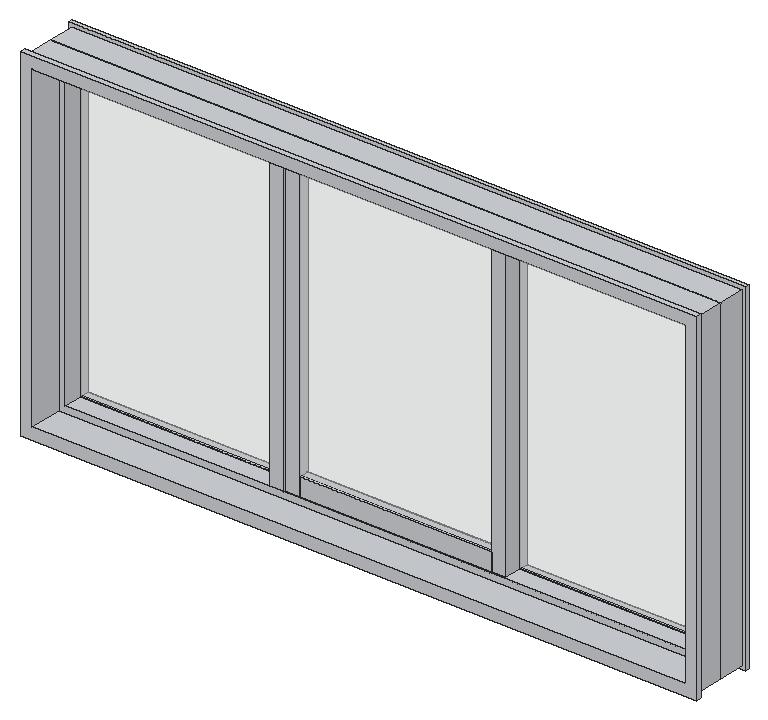
Revit family "APL Residential Thermal Heart Sliding Window FSF", category Windows, host Wall, Revit 2017 (continued)
Definition of nested family "APL Residential Thermal Heart Sliding Window FSF Vertical Section"
  Definition of nested family "Two Panel Head"
    Definition of nested family "65400_Frame Head"
      Lines and regions (mm)
        detail lines, in view "Ref. Level"
          curve 542: arc (15.174, -5.439, 0) -> (14.995, -5.304, 0) -> (14.78, -5.367, 0) r 0.25
          curve 543: arc (14.78, -5.367, 0) -> (14.637, -5.498, 0) -> (14.631, -5.691, 0) r 0.25
          curve 544: arc (13.377, -6.456, 0) -> (13.302, -6.489, 0) -> (13.221, -6.5, 0) r 0.3
          curve 545: arc (12.7, -6.5, 0) -> (12.542, -6.422, 0) -> (12.506, -6.25, 0) r 0.2
          curve 546: arc (12.7, -2.247, 0) -> (12.674, -2.125, 0) -> (12.6, -2.024, 0) r 0.3
          curve 547: arc (12.6, -2.024, 0) -> (12.536, -1.657, 0) -> (12.878, -1.51, 0) r 0.3
          curve 548: arc (15.021, -2.043, 0) -> (15.11, -2.095, 0) -> (15.162, -2.184, 0) r 0.2
          curve 549: arc (15.207, -2.352, 0) -> (15.348, -2.493, 0) -> (15.541, -2.441, 0) r 0.2
          curve 550: arc (15.905, -2.078, 0) -> (15.965, -1.992, 0) -> (15.992, -1.892, 0) r 0.3
          curve 551: arc (16.199, 0.474, 0) -> (16.083, 0.738, 0) -> (15.797, 0.782, 0) r 0.3
          curve 552: arc (14.387, 0.268, 0) -> (14.261, 0.181, 0) -> (14.195, 0.043, 0) r 0.3
          curve 553: arc (14.195, 0.043, 0) -> (13.922, -0.199, 0) -> (13.617, 0, 0) r 0.3
          curve 554: arc (12.6, 0, 0) -> (12.459, 0.059, 0) -> (12.4, 0.2, 0) r 0.2
          curve 555: arc (12.4, 2.696, 0) -> (11.64, 4.537, 0) -> (9.8, 5.3, 0) r 2.6
          curve 556: arc (7.9, 5.3, 0) -> (7.547, 5.446, 0) -> (7.4, 5.8, 0) r 0.5
          curve 557: arc (7.4, 13.402, 0) -> (7.508, 13.581, 0) -> (7.716, 13.566, 0) r 0.2
          curve 558: arc (7.716, 13.566, 0) -> (8.721, 13.692, 0) -> (8.684, 14.705, 0) r 0.75
          curve 559: arc (8.684, 14.705, 0) -> (8.15, 16.005, 0) -> (8.684, 17.305, 0) r 1.85
          curve 560: arc (8.684, 17.305, 0) -> (8.794, 17.447, 0) -> (8.867, 17.612, 0) r 0.75
          curve 561: arc (8.867, 17.612, 0) -> (8.97, 17.796, 0) -> (9.14, 17.921, 0) r 0.5
          curve 562: arc (9.14, 17.921, 0) -> (10, 18.105, 0) -> (10.86, 17.921, 0) r 2.1
          curve 563: arc (10.86, 17.921, 0) -> (11.03, 17.796, 0) -> (11.133, 17.612, 0) r 0.5
          curve 564: arc (11.133, 17.612, 0) -> (11.206, 17.447, 0) -> (11.316, 17.305, 0) r 0.75
          curve 565: arc (11.316, 17.305, 0) -> (11.85, 16.005, 0) -> (11.316, 14.705, 0) r 1.85
          curve 566: arc (11.316, 14.705, 0) -> (11.323, 13.644, 0) -> (12.384, 13.651, 0) r 0.75
          curve 567: arc (12.384, 13.651, 0) -> (13.348, 15.881, 0) -> (12.551, 18.176, 0) r 3.35
          curve 568: arc (12.551, 18.176, 0) -> (12.478, 18.71, 0) -> (12.932, 19, 0) r 0.5
          curve 569: arc (13.15, 19, 0) -> (13.291, 19.059, 0) -> (13.35, 19.2, 0) r 0.2
          curve 570: arc (13.35, 19.5, 0) -> (13.204, 19.854, 0) -> (12.85, 20, 0) r 0.5
          curve 571: arc (7, 20, 0) -> (6.293, 19.707, 0) -> (6, 19, 0) r 1
          curve 572: arc (6, 6.243, 0) -> (5.772, 5.095, 0) -> (5.121, 4.121, 0) r 3
          curve 573: arc (0.879, -0.121, 0) -> (0.228, -1.095, 0) -> (0, -2.243, 0) r 3
          curve 574: arc (0, -23.8, 0) -> (0.059, -23.941, 0) -> (0.2, -24, 0) r 0.2
          curve 575: line (10.8, 2.7, 0) -> (10.8, -6.498, 0)
          curve 576: line (12.7, -8.4, 0) -> (13.1, -8.4, 0)
          curve 577: line (13.3, -8.6, 0) -> (13.3, -15.4, 0)
          curve 578: line (13.1, -15.6, 0) -> (11, -15.6, 0)
          curve 579: line (10.8, -15.8, 0) -> (10.8, -16.283, 0)
          curve 580: line (10.6, -16.483, 0) -> (1.9, -16.483, 0)
          curve 581: line (1.4, -15.983, 0) -> (1.4, -2.245, 0)
          curve 582: line (1.869, -1.111, 0) -> (6.387, 3.407, 0)
          curve 583: line (7.094, 3.7, 0) -> (9.8, 3.7, 0)
          curve 584: line (1.322, -22.936, 0) -> (1.379, -18.081, 0)
          curve 585: line (1.579, -17.883, 0) -> (10.6, -17.883, 0)
          curve 586: line (10.8, -18.083, 0) -> (10.8, -22.172, 0)
          curve 587: line (10.7, -22.345, 0) -> (9.6, -22.98, 0)
          curve 588: line (9.3, -23.5, 0) -> (9.3, -23.8, 0)
          curve 589: line (9.5, -24, 0) -> (13.617, -24, 0)
          curve 590: line (14.387, -24.268, 0) -> (15.797, -24.782, 0)
          curve 591: line (16.199, -24.474, 0) -> (15.992, -22.108, 0)
          curve 592: line (15.905, -21.922, 0) -> (15.541, -21.559, 0)
          curve 593: line (15.207, -21.648, 0) -> (15.162, -21.816, 0)
          curve 594: line (15.021, -21.957, 0) -> (12.888, -22.528, 0)
          curve 595: line (12.7, -21.753, 0) -> (12.7, -18.525, 0)
          curve 596: line (12.7, -18.5, 0) -> (12.506, -17.75, 0)
          curve 597: line (12.7, -17.5, 0) -> (13.221, -17.5, 0)
          curve 598: line (13.377, -17.544, 0) -> (14.631, -18.309, 0)
          curve 599: line (15.2, -18.45, 0) -> (15.2, -16.874, 0)
          curve 600: line (15.2, -16.874, 0) -> (15.2, -8.599, 0)
          curve 601: line (15.4, -8.4, 0) -> (16.479, -8.4, 0)
          curve 602: line (16.667, -8.132, 0) -> (15.775, -5.682, 0)
          curve 603: line (15.587, -5.55, 0) -> (15.353, -5.55, 0)
          curve 604: line (14.631, -5.691, 0) -> (13.377, -6.456, 0)
          curve 605: line (13.221, -6.5, 0) -> (12.7, -6.5, 0)
          curve 606: line (12.506, -6.25, 0) -> (12.7, -5.5, 0)
          curve 607: line (12.7, -5.475, 0) -> (12.7, -2.247, 0)
          curve 608: line (12.888, -1.472, 0) -> (15.021, -2.043, 0)
          curve 609: line (15.162, -2.184, 0) -> (15.207, -2.352, 0)
          curve 610: line (15.541, -2.441, 0) -> (15.905, -2.078, 0)
          curve 611: line (15.992, -1.892, 0) -> (16.199, 0.474, 0)
          curve 612: line (15.797, 0.782, 0) -> (14.387, 0.268, 0)
          curve 613: line (13.617, 0, 0) -> (12.6, 0, 0)
          curve 614: line (12.4, 0.2, 0) -> (12.4, 2.696, 0)
          curve 615: line (9.8, 5.3, 0) -> (7.9, 5.3, 0)
          curve 616: line (7.4, 5.8, 0) -> (7.4, 13.402, 0)
          curve 617: line (12.932, 19, 0) -> (13.15, 19, 0)
          curve 618: line (13.35, 19.2, 0) -> (13.35, 19.5, 0)
          curve 619: line (12.85, 20, 0) -> (7, 20, 0)
          curve 620: line (6, 19, 0) -> (6, 6.243, 0)
          curve 621: line (5.121, 4.121, 0) -> (0.879, -0.121, 0)
          curve 622: line (0, -2.243, 0) -> (0, -23.8, 0)
          curve 623: line (0.2, -24, 0) -> (1.214, -24, 0)
          curve 624: line (1.214, -24, 0) -> (1.665, -23.621, 0)
          curve 625: line (106.85, -41.439, 0) -> (112.6, -39.899, 0)
          curve 626: line (111.139, -40.29, 0) -> (106.85, -40.29, 0)
          curve 627: line (112.6, -39.45, 0) -> (106.85, -39.45, 0)
          curve 628: line (112.6, -38.61, 0) -> (106.85, -38.61, 0)
          curve 629: line (112.6, -37.69, 0) -> (106.85, -37.69, 0)
          curve 630: line (112.6, -36.85, 0) -> (106.85, -36.85, 0)
          curve 631: line (111.139, -36.01, 0) -> (106.85, -36.01, 0)
          curve 632: line (112.6, -36.401, 0) -> (106.85, -34.861, 0)
          curve 633: line (112.85, -41.6, 0) -> (112.85, -34.7, 0)
          curve 634: line (112.6, -34.7, 0) -> (112.6, -41.6, 0)
          curve 635: line (112.6, -41.6, 0) -> (113.1, -41.6, 0)
          curve 636: line (113.1, -41.6, 0) -> (113.1, -34.7, 0)
          curve 637: line (113.1, -34.7, 0) -> (112.6, -34.7, 0)
          curve 651: line (74.132, -41.648, 0) -> (68.382, -40.107, 0)
          curve 652: line (69.843, -40.498, 0) -> (74.132, -40.498, 0)
          curve 653: line (68.382, -39.658, 0) -> (74.132, -39.658, 0)
          curve 654: line (68.382, -38.818, 0) -> (74.132, -38.818, 0)
          curve 655: line (68.382, -37.898, 0) -> (74.132, -37.898, 0)
          curve 656: line (68.382, -37.058, 0) -> (74.132, -37.058, 0)
          curve 657: line (69.843, -36.218, 0) -> (74.132, -36.218, 0)
          curve 658: line (68.382, -36.61, 0) -> (74.132, -35.069, 0)
          curve 659: line (68.132, -41.808, 0) -> (68.132, -34.908, 0)
          curve 660: line (68.382, -34.908, 0) -> (68.382, -41.808, 0)
          curve 661: line (68.382, -41.808, 0) -> (67.882, -41.808, 0)
          curve 662: line (67.882, -41.808, 0) -> (67.882, -34.908, 0)
          curve 663: line (67.882, -34.908, 0) -> (68.382, -34.908, 0)
        detail lines, in view "Ref. Level", not visible
          curve 638: line (101.764, -41.439, 0) -> (107.514, -39.899, 0)
          curve 639: line (106.053, -40.29, 0) -> (101.764, -40.29, 0)
          curve 640: line (107.514, -39.45, 0) -> (101.764, -39.45, 0)
          curve 641: line (107.514, -38.61, 0) -> (101.764, -38.61, 0)
          curve 642: line (107.514, -37.69, 0) -> (101.764, -37.69, 0)
          curve 643: line (107.514, -36.85, 0) -> (101.764, -36.85, 0)
          curve 644: line (106.053, -36.01, 0) -> (101.764, -36.01, 0)
          curve 645: line (107.514, -36.401, 0) -> (101.764, -34.861, 0)
          curve 646: line (107.764, -41.6, 0) -> (107.764, -34.7, 0)
          curve 647: line (107.514, -34.7, 0) -> (107.514, -41.6, 0)
          curve 648: line (107.514, -41.6, 0) -> (108.014, -41.6, 0)
          curve 649: line (108.014, -41.6, 0) -> (108.014, -34.7, 0)
          curve 650: line (108.014, -34.7, 0) -> (107.514, -34.7, 0)
      Text (mm)
        text "65400" at (41.516, 17.579, 0), in view "Ref. Level"
Definition of nested family "APL Residential Thermal Heart Sliding Window FSF Horizontal Section"
  Parameters (values of type "Groove")
    Liner End [instance] = 10 mm
    Liner Block = Liner : Liner
    Liner [instance] = 100 mm
    Groove [instance] = 10 mm
    Glass Length [instance] = (Box Width / 3) - 81 mm  # 252.333 mm
    Glass Sash Length [instance] = (Box Width / 3) - 105 mm  # 228.333 mm
    Glass Fixed Length [instance] = (Box Width / 3) - 47.5 mm  # 285.833 mm
    Box Width [instance] = 1000 mm
  Types (2, lengths in mm): name | Liner Block
    No Groove | Liner No Groove : Liner No Groove
    Groove | Liner : Liner
  Reference planes
    plane 1 "Center (Front/Back)": y = 39.446
    plane 2: z = 0
    plane 3 "Center (Left/Right)": x = -0.083
    plane 4: x = -500.083
    plane 5: x = 499.917
    plane 6: y = 150.946
    plane 7: y = 150.946
    plane 8: x = 507.417
    plane 9: y = 57.796
    plane 10: x = -166.75
    plane 11: x = 166.584
  Dimensions and locks
    equal spacing: plane 4, plane 3 "Center (Left/Right)", plane 5
    "Box Width": plane 4 to plane 5
    "Liner": plane 6 to nested 1
    "Liner": plane 7 to nested 2
    plane 8 to plane 5 = 7.5 mm
    locked: nested 7 to nested 2 at 22.397
    equal spacing: plane 4, plane 10, plane 11, plane 5
    locked: nested 4 to nested 6 at 5.965
    locked: nested 6 to nested 5 at 6.328
    nested 4 to plane 11 to nested 5 = 11.441 mm locked, 14.849 mm locked
    locked: nested 8 to nested 7 at 6.351
    locked: nested 8 to plane 5 at 30.351
    locked: nested 9 to nested 11 at 6.351
    locked: plane 4 to nested 11 at 30.351
    locked: nested 10 to nested 12 at 6.324
    nested 10 to plane 10 to nested 3 = 17.324 mm locked, 69.816 mm locked
    locked: nested 12 to nested 3 at 6
    aligned and locked: plane 7 to nested 2
    aligned and locked: nested 7 to plane 5
  Nested families
    nested 1: "Liner" at (-479.48, 150.946, 0) x (0, 1, 0) z (0, 0, 1), type <- "Liner Block", type "Liner", in view "Ref. Level", detail levels fine
      with built-in parameter 1001306 0.32808 (stored number, unit not read)
    nested 2: "Liner" at (479.313, 150.946, 0) x (0, 1, 0) z (0, 0, 1), type <- "Liner Block", type "Liner", in view "Ref. Level", detail levels fine
      with built-in parameter 1001306 0.32808 (stored number, unit not read)
    nested 3: "Glass" at (-96.934, 117.146, 0) x (0, 1, 0) z (0, 0, 1), Glass Lenght <- "Glass Length", type "Glass", in view "Ref. Level", detail levels fine
      with Glass Lenght 252.333 mm
    nested 4: "Glass" at (155.143, 117.146, 0) x (0, 1, 0) z (0, 0, 1), Glass Lenght <- "Glass Length", type "Glass", in view "Ref. Level", detail levels fine
      with Glass Lenght 252.333 mm
    nested 5: "Glazing Bead" at (181.433, 54.946, 0) x (0, 1, 0) z (0, 0, 1), Glass Lenght <- "Glass Fixed Length", type "Glazing Bead", in view "Ref. Level", detail levels fine
      with Glass Lenght 285.833 mm
    nested 6: "Interlocker" at (167.515, 109.946, 0) x (-1, 0, 0) z (0, 0, 1), type "Interlocker", in view "Ref. Level", detail levels fine
    nested 7: "Jamb Fixed" at (499.917, 39.446, 0) x (-1, 0, 0) z (0, 0, 1), type "Jamb Fixed", in view "Ref. Level", detail levels fine
    nested 8: "Glazing Bead" at (469.566, 54.946, 0) x (0, 1, 0) z (0, 0, 1), Glass Lenght <- "Glass Fixed Length", type "Glazing Bead", in view "Ref. Level", detail levels fine
      with Glass Lenght 285.833 mm
    nested 9: "Jamb Fixed" at (-500.083, 39.446, 0), type "Jamb Fixed", in view "Ref. Level", detail levels fine
    nested 10: "Glazing Bead" at (-184.074, 54.946, 0) x (0, 1, 0) z (0, 0, 1), Glass Lenght <- "Glass Fixed Length", type "Glazing Bead", in view "Ref. Level", detail levels fine
      with Glass Lenght 285.833 mm
    nested 11: "Glazing Bead" at (-469.732, 54.946, 0) x (0, 1, 0) z (0, 0, 1), Glass Lenght <- "Glass Fixed Length", type "Glazing Bead", in view "Ref. Level", detail levels fine
      with Glass Lenght 285.833 mm
    nested 12: "Three Panel Closer" at (-184.75, 85.446, 0), type "Three Panel Closer", in view "Ref. Level", detail levels fine
  Definition of nested family "Liner"
    Parameters (values of type "Liner")
      Type Image = (empty or 0)
      built-in parameter 1001306 [instance] = 100 mm
      Groove [instance] = 10 mm
      End Liner [instance] = 10 mm
    Reference planes
      plane 1 "Center (Front/Back)": y = 0
      plane 2: z = 0
      plane 3 "Left": x = 0
      plane 4 "Right": x = 100
    Lines and regions (mm)
      Filled region 1, type "Brick", in view "Ref. Level"
        outline origin (0, 0, 0) x (1, 0, 0) y (0, 1, 0)
          loop
            line (0, 0) -> (120, 0) -> (120, 19) -> (110, 19) -> (110, 13.435) -> (100, 13.435) -> (100, 19) -> (0, 19) -> (0, 0)
      reference lines, in view "Ref. Level"
        curve 1: line (0, 0, 0) -> (100, 0, 0)
      detail lines, in view "Ref. Level", detail levels fine
        curve 2: line (100, 0, 0) -> (0, 0, 0)
    Dimensions and locks
      "built-in parameter 1001306": plane 3 "Left" to plane 4 "Right"
      locked: Filled region 1 to curve 2 at 19
      "Groove": plane 4 "Right" to Filled region 1
      "End Liner": Filled region 1 to Filled region 1
      aligned and locked: plane 1 "Center (Front/Back)" to curve 1
      aligned and locked: plane 3 "Left" to curve 1
      aligned and locked: plane 4 "Right" to curve 1
      aligned and locked: curve 1 to Filled region 1
      aligned and locked: plane 1 "Center (Front/Back)" to Filled region 1
      aligned and locked: Filled region 1 to plane 3 "Left"
    Automatic sketch dimensions
      curve 2 to plane 4 "Right" = 0 mm
      Filled region 1 sketch curve to plane 3 "Left" = 0 mm
      Filled region 1 sketch curve to plane 4 "Right" = 0 mm
      Filled region 1 sketch curve to Filled region 1 sketch curve = 10 mm  (x2)
      Filled region 1 sketch curve to plane 1 "Center (Front/Back)" = 0 mm
      Filled region 1 sketch curve to plane 1 "Center (Front/Back)" = 13.435 mm
      Filled region 1 sketch curve to Filled region 1 sketch curve = 5.565 mm  (x2)
      curve 2 to plane 3 "Left" = 0 mm
  Definition of nested family "Glass"
    Parameters (values of type "Glass")
      Glass Lenght [instance] = 50 mm
    Reference planes
      plane 1 "Center (Front/Back)": y = 0
      plane 2: z = 0
      plane 3 "Center (Left/Right)": x = 0
      plane 4: y = -50
    Lines and regions (mm)
      Filled region 1, type "Solid Fill - Black", in view "Ref. Level"
        outline origin (0, 0, 0) x (1, 0, 0) y (0, 1, 0)
          loop
            line (4, 0) -> (4, -12) -> (20, -12) -> (20, 0) -> (4, 0)
      model lines, in view "Ref. Level"
        curve 1: line (4, -12, 0) -> (20, -12, 0)
        curve 2: line (0, -50, 0) -> (0, 0, 0)
        curve 3: line (0, 0, 0) -> (24, 0, 0)
        curve 4: line (24, 0, 0) -> (24, -50, 0)
        curve 5: line (20, 0, 0) -> (20, -50, 0)
        curve 6: line (4, 0, 0) -> (4, -50, 0)
      detail lines, in view "Ref. Level"
        curve 7: arc (25, -11.728, 0) -> (24.979, -11.828, 0) -> (24.92, -11.912, 0) r 0.25
        curve 8: arc (24.161, -12.614, 0) -> (24.042, -12.78, 0) -> (24, -12.981, 0) r 0.5
        curve 9: arc (24, -14.404, 0) -> (24.088, -14.594, 0) -> (24.289, -14.651, 0) r 0.25
        curve 10: arc (28.489, -13.997, 0) -> (28.647, -13.904, 0) -> (28.699, -13.728, 0) r 0.25
        curve 11: arc (27.5, -9.1, 0) -> (27.711, -8.984, 0) -> (27.727, -8.744, 0) r 0.25
        curve 12: arc (26.033, -5.114, 0) -> (25.642, -4.858, 0) -> (25.24, -5.095, 0) r 0.442
        curve 13: arc (24.864, -5.812, 0) -> (24.414, -6.357, 0) -> (24.052, -6.964, 0) r 4.62
        curve 14: arc (24.052, -6.964, 0) -> (24.013, -7.073, 0) -> (24, -7.187, 0) r 0.5
        curve 15: arc (24, -7.743, 0) -> (24.132, -7.931, 0) -> (24.353, -7.871, 0) r 0.2
        curve 16: arc (24.353, -7.871, 0) -> (24.514, -7.711, 0) -> (24.702, -7.581, 0) r 1.262
        curve 17: arc (24.702, -7.581, 0) -> (24.901, -7.583, 0) -> (25, -7.756, 0) r 0.2
        curve 18: arc (25, -8.353, 0) -> (24.962, -8.543, 0) -> (24.855, -8.705, 0) r 0.5
        curve 19: arc (24.855, -8.705, 0) -> (24.408, -9.237, 0) -> (24.051, -9.833, 0) r 4.3
        curve 20: arc (24.051, -9.833, 0) -> (24.013, -9.941, 0) -> (24, -10.054, 0) r 0.5
        curve 21: arc (24, -10.668, 0) -> (24.137, -10.858, 0) -> (24.361, -10.787, 0) r 0.2
        curve 22: arc (24.361, -10.787, 0) -> (24.512, -10.617, 0) -> (24.69, -10.476, 0) r 1.288
        curve 23: arc (24.69, -10.476, 0) -> (24.895, -10.467, 0) -> (25, -10.643, 0) r 0.2
        curve 24: line (24.92, -11.912, 0) -> (24.161, -12.614, 0)
        curve 25: line (24, -12.981, 0) -> (24, -14.404, 0)
        curve 26: line (24.289, -14.651, 0) -> (28.489, -13.997, 0)
        curve 27: line (28.699, -13.728, 0) -> (28.548, -12, 0)
        curve 28: line (28.548, -12, 0) -> (27, -12, 0)
        curve 29: line (27, -12, 0) -> (27, -9.1, 0)
        curve 30: line (27, -9.1, 0) -> (27.5, -9.1, 0)
        curve 31: line (27.727, -8.744, 0) -> (26.033, -5.114, 0)
        curve 32: line (25.24, -5.095, 0) -> (24.864, -5.812, 0)
        curve 33: line (24, -7.187, 0) -> (24, -7.743, 0)
        curve 34: line (25, -7.756, 0) -> (25, -8.353, 0)
        curve 35: line (24, -10.054, 0) -> (24, -10.668, 0)
        curve 36: line (25, -10.643, 0) -> (25, -11.728, 0)
        curve 87: arc (-0.25, -13, 0) -> (0, -12.75, 0) -> (-0.25, -12.5, 0) r 0.25
        curve 88: arc (-0.25, -9.45, 0) -> (0, -9.2, 0) -> (-0.25, -8.95, 0) r 0.25
        curve 89: arc (-0.25, -8.281, 0) -> (0, -8.031, 0) -> (-0.25, -7.781, 0) r 0.25
        curve 90: arc (-0.25, -7.113, 0) -> (0, -6.863, 0) -> (-0.25, -6.613, 0) r 0.25
        curve 91: line (-0.25, -5.444, 0) -> (-1, -5.444, 0)
        curve 92: line (-1, -5.444, 0) -> (-1, -9.45, 0)
        curve 93: line (-1, -9.45, 0) -> (-2.2, -9.45, 0)
        curve 94: line (-2.2, -9.45, 0) -> (-2.2, -8.7, 0)
        curve 95: line (-2.2, -8.7, 0) -> (-2.8, -8.7, 0)
        curve 96: line (-2.8, -8.7, 0) -> (-2.8, -11.8, 0)
        curve 97: line (-2.8, -11.8, 0) -> (-2.2, -11.8, 0)
        curve 98: line (-2.2, -11.8, 0) -> (-2.2, -11.05, 0)
        curve 99: line (-2.2, -11.05, 0) -> (-1, -11.05, 0)
        curve 100: line (-1, -11.05, 0) -> (-1, -13, 0)
        curve 101: line (-1, -13, 0) -> (-0.25, -13, 0)
        curve 102: line (-0.25, -12.5, 0) -> (-0.25, -9.45, 0)
        curve 103: line (-0.25, -8.95, 0) -> (-0.25, -8.281, 0)
        curve 104: line (-0.25, -7.781, 0) -> (-0.25, -7.113, 0)
        curve 105: line (-0.25, -6.613, 0) -> (-0.25, -5.944, 0)
        curve 106: arc (-0.25, -5.944, 0) -> (0, -5.694, 0) -> (-0.25, -5.444, 0) r 0.25
      detail lines, in view "Ref. Level", not visible
        curve 37: arc (-0.25, -4.9, 0) -> (0, -5.15, 0) -> (-0.25, -5.4, 0) r 0.25
        curve 38: arc (-0.25, -8.45, 0) -> (0, -8.7, 0) -> (-0.25, -8.95, 0) r 0.25
        curve 39: arc (-0.25, -9.619, 0) -> (0, -9.869, 0) -> (-0.25, -10.119, 0) r 0.25
        curve 40: arc (-0.25, -10.787, 0) -> (0, -11.037, 0) -> (-0.25, -11.287, 0) r 0.25
        curve 41: line (-0.25, -12.456, 0) -> (-1, -12.456, 0)
        curve 42: line (-1, -12.456, 0) -> (-1, -8.45, 0)
        curve 43: line (-1, -8.45, 0) -> (-2.2, -8.45, 0)
        curve 44: line (-2.2, -8.45, 0) -> (-2.2, -9.2, 0)
        curve 45: line (-2.2, -9.2, 0) -> (-2.8, -9.2, 0)
        curve 46: line (-2.8, -9.2, 0) -> (-2.8, -6.1, 0)
        curve 47: line (-2.8, -6.1, 0) -> (-2.2, -6.1, 0)
        curve 48: line (-2.2, -6.1, 0) -> (-2.2, -6.85, 0)
        curve 49: line (-2.2, -6.85, 0) -> (-1, -6.85, 0)
        curve 50: line (-1, -6.85, 0) -> (-1, -4.9, 0)
        curve 51: line (-1, -4.9, 0) -> (-0.25, -4.9, 0)
        curve 52: line (-0.25, -5.4, 0) -> (-0.25, -8.45, 0)
        curve 53: line (-0.25, -8.95, 0) -> (-0.25, -9.619, 0)
        curve 54: line (-0.25, -10.119, 0) -> (-0.25, -10.787, 0)
        curve 55: line (-0.25, -11.287, 0) -> (-0.25, -11.956, 0)
        curve 56: arc (-0.25, -11.956, 0) -> (0, -12.206, 0) -> (-0.25, -12.456, 0) r 0.25
        curve 57: arc (25, -10.728, 0) -> (24.979, -10.828, 0) -> (24.92, -10.912, 0) r 0.25
        curve 58: arc (24.161, -11.614, 0) -> (24.042, -11.78, 0) -> (24, -11.981, 0) r 0.5
        curve 59: arc (24, -13.404, 0) -> (24.088, -13.594, 0) -> (24.289, -13.651, 0) r 0.25
        curve 60: arc (28.489, -12.997, 0) -> (28.647, -12.904, 0) -> (28.699, -12.728, 0) r 0.25
        curve 61: arc (27.5, -8.1, 0) -> (27.711, -7.984, 0) -> (27.727, -7.744, 0) r 0.25
        curve 62: arc (26.033, -4.114, 0) -> (25.642, -3.858, 0) -> (25.24, -4.095, 0) r 0.442
        curve 63: arc (24.864, -4.812, 0) -> (24.414, -5.357, 0) -> (24.052, -5.964, 0) r 4.62
        curve 64: arc (24.052, -5.964, 0) -> (24.013, -6.073, 0) -> (24, -6.187, 0) r 0.5
        curve 65: arc (24, -6.743, 0) -> (24.132, -6.931, 0) -> (24.353, -6.871, 0) r 0.2
        curve 66: arc (24.353, -6.871, 0) -> (24.514, -6.711, 0) -> (24.702, -6.581, 0) r 1.262
        curve 67: arc (24.702, -6.581, 0) -> (24.901, -6.583, 0) -> (25, -6.756, 0) r 0.2
        curve 68: arc (25, -7.353, 0) -> (24.962, -7.543, 0) -> (24.855, -7.705, 0) r 0.5
        curve 69: arc (24.855, -7.705, 0) -> (24.408, -8.237, 0) -> (24.051, -8.833, 0) r 4.3
        curve 70: arc (24.051, -8.833, 0) -> (24.013, -8.941, 0) -> (24, -9.054, 0) r 0.5
        curve 71: arc (24, -9.668, 0) -> (24.137, -9.858, 0) -> (24.361, -9.787, 0) r 0.2
        curve 72: arc (24.361, -9.787, 0) -> (24.512, -9.617, 0) -> (24.69, -9.476, 0) r 1.288
        curve 73: arc (24.69, -9.476, 0) -> (24.895, -9.467, 0) -> (25, -9.643, 0) r 0.2
        curve 74: line (24.92, -10.912, 0) -> (24.161, -11.614, 0)
        curve 75: line (24, -11.981, 0) -> (24, -13.404, 0)
        curve 76: line (24.289, -13.651, 0) -> (28.489, -12.997, 0)
        curve 77: line (28.699, -12.728, 0) -> (28.548, -11, 0)
        curve 78: line (28.548, -11, 0) -> (27, -11, 0)
        curve 79: line (27, -11, 0) -> (27, -8.1, 0)
        curve 80: line (27, -8.1, 0) -> (27.5, -8.1, 0)
        curve 81: line (27.727, -7.744, 0) -> (26.033, -4.114, 0)
        curve 82: line (25.24, -4.095, 0) -> (24.864, -4.812, 0)
        curve 83: line (24, -6.187, 0) -> (24, -6.743, 0)
        curve 84: line (25, -6.756, 0) -> (25, -7.353, 0)
        curve 85: line (24, -9.054, 0) -> (24, -9.668, 0)
        curve 86: line (25, -9.643, 0) -> (25, -10.728, 0)
    Dimensions and locks
      "Glass Lenght": plane 1 "Center (Front/Back)" to plane 4
      aligned and locked: plane 4 to curve 2
      aligned and locked: plane 1 "Center (Front/Back)" to Filled region 1 sketch curve
      aligned and locked: Filled region 1 sketch curve to curve 6
      aligned and locked: Filled region 1 sketch curve to curve 1
      aligned and locked: Filled region 1 sketch curve to curve 5
    Automatic sketch dimensions
      plane 1 "Center (Front/Back)" to curve 2 = 0 mm
      curve 2 to plane 3 "Center (Left/Right)" = 0 mm
      curve 6 to plane 4 = 0 mm
      curve 5 to plane 4 = 0 mm
      curve 4 to plane 4 = 0 mm
      curve 5 to curve 3 = 4 mm
      curve 1 to curve 1 = 16 mm
      plane 1 "Center (Front/Back)" to curve 1 = 12 mm
      plane 3 "Center (Left/Right)" to curve 6 = 4 mm
  Definition of nested family "Glazing Bead"
    Parameters (values of type "Glazing Bead")
      Glass Lenght [instance] = 50 mm
    Reference planes
      plane 1 "Center (Front/Back)": y = 0
      plane 2: z = 0
      plane 3 "Center (Left/Right)": x = 0
      plane 4: y = -50
    Lines and regions (mm)
      Filled region 1, type "Solid Fill - Black", in view "Ref. Level"
        outline origin (0, 0, 0) x (1, 0, 0) y (0, 1, 0)
          loop
            line (4, 0) -> (4, -12) -> (20, -12) -> (20, 0) -> (4, 0)
      model lines, in view "Ref. Level"
        curve 1: line (4, -12, 0) -> (20, -12, 0)
        curve 2: line (0, -50, 0) -> (0, 0, 0)
        curve 3: line (0, 0, 0) -> (24, 0, 0)
        curve 4: line (24, 0, 0) -> (24, -50, 0)
        curve 5: line (20, 0, 0) -> (20, -50, 0)
        curve 6: line (4, 0, 0) -> (4, -50, 0)
      detail lines, in view "Ref. Level"
        curve 7: arc (-0.25, -4.9, 0) -> (0, -5.15, 0) -> (-0.25, -5.4, 0) r 0.25
        curve 8: arc (-0.25, -8.45, 0) -> (0, -8.7, 0) -> (-0.25, -8.95, 0) r 0.25
        curve 9: arc (-0.25, -9.619, 0) -> (0, -9.869, 0) -> (-0.25, -10.119, 0) r 0.25
        curve 10: arc (-0.25, -10.787, 0) -> (0, -11.037, 0) -> (-0.25, -11.287, 0) r 0.25
        curve 11: line (-0.25, -12.456, 0) -> (-1, -12.456, 0)
        curve 12: line (-1, -12.456, 0) -> (-1, -8.45, 0)
        curve 13: line (-1, -8.45, 0) -> (-2.2, -8.45, 0)
        curve 14: line (-2.2, -8.45, 0) -> (-2.2, -9.2, 0)
        curve 15: line (-2.2, -9.2, 0) -> (-2.8, -9.2, 0)
        curve 16: line (-2.8, -9.2, 0) -> (-2.8, -6.1, 0)
        curve 17: line (-2.8, -6.1, 0) -> (-2.2, -6.1, 0)
        curve 18: line (-2.2, -6.1, 0) -> (-2.2, -6.85, 0)
        curve 19: line (-2.2, -6.85, 0) -> (-1, -6.85, 0)
        curve 20: line (-1, -6.85, 0) -> (-1, -4.9, 0)
        curve 21: line (-1, -4.9, 0) -> (-0.25, -4.9, 0)
        curve 22: line (-0.25, -5.4, 0) -> (-0.25, -8.45, 0)
        curve 23: line (-0.25, -8.95, 0) -> (-0.25, -9.619, 0)
        curve 24: line (-0.25, -10.119, 0) -> (-0.25, -10.787, 0)
        curve 25: line (-0.25, -11.287, 0) -> (-0.25, -11.956, 0)
        curve 26: arc (-0.25, -11.956, 0) -> (0, -12.206, 0) -> (-0.25, -12.456, 0) r 0.25
      detail lines, in view "Ref. Level", not visible
        curve 27: arc (-0.25, -4.9, 0) -> (0, -5.15, 0) -> (-0.25, -5.4, 0) r 0.25
        curve 28: arc (-0.25, -8.45, 0) -> (0, -8.7, 0) -> (-0.25, -8.95, 0) r 0.25
        curve 29: arc (-0.25, -9.619, 0) -> (0, -9.869, 0) -> (-0.25, -10.119, 0) r 0.25
        curve 30: arc (-0.25, -10.787, 0) -> (0, -11.037, 0) -> (-0.25, -11.287, 0) r 0.25
        curve 31: line (-0.25, -12.456, 0) -> (-1, -12.456, 0)
        curve 32: line (-1, -12.456, 0) -> (-1, -8.45, 0)
        curve 33: line (-1, -8.45, 0) -> (-2.2, -8.45, 0)
        curve 34: line (-2.2, -8.45, 0) -> (-2.2, -9.2, 0)
        curve 35: line (-2.2, -9.2, 0) -> (-2.8, -9.2, 0)
        curve 36: line (-2.8, -9.2, 0) -> (-2.8, -6.1, 0)
        curve 37: line (-2.8, -6.1, 0) -> (-2.2, -6.1, 0)
        curve 38: line (-2.2, -6.1, 0) -> (-2.2, -6.85, 0)
        curve 39: line (-2.2, -6.85, 0) -> (-1, -6.85, 0)
        curve 40: line (-1, -6.85, 0) -> (-1, -4.9, 0)
        curve 41: line (-1, -4.9, 0) -> (-0.25, -4.9, 0)
        curve 42: line (-0.25, -5.4, 0) -> (-0.25, -8.45, 0)
        curve 43: line (-0.25, -8.95, 0) -> (-0.25, -9.619, 0)
        curve 44: line (-0.25, -10.119, 0) -> (-0.25, -10.787, 0)
        curve 45: line (-0.25, -11.287, 0) -> (-0.25, -11.956, 0)
        curve 46: arc (-0.25, -11.956, 0) -> (0, -12.206, 0) -> (-0.25, -12.456, 0) r 0.25
        curve 47: arc (62.983, -3.041, 0) -> (62.673, -2.901, 0) -> (62.511, -3.2, 0) r 0.25
        curve 48: arc (62.537, -13.088, 0) -> (62.7, -13.387, 0) -> (63.01, -13.247, 0) r 0.25
        curve 49: line (62.511, -3.2, 0) -> (63.505, -7.068, 0)
        curve 50: line (63.505, -7.068, 0) -> (62.502, -7.647, 0)
        curve 51: line (62.502, -7.647, 0) -> (62.502, -8.647, 0)
        curve 52: line (62.502, -8.647, 0) -> (63.527, -9.239, 0)
        curve 53: line (63.527, -9.239, 0) -> (62.537, -13.088, 0)
        curve 54: line (63.01, -13.247, 0) -> (64.734, -9.147, 0)
        curve 55: line (64.734, -9.147, 0) -> (66.002, -9.147, 0)
        curve 56: line (66.002, -9.147, 0) -> (66.002, -10.397, 0)
        curve 57: line (66.002, -10.397, 0) -> (67.002, -10.397, 0)
        curve 58: line (67.002, -10.397, 0) -> (67.002, -5.897, 0)
        curve 59: line (67.002, -5.897, 0) -> (66.002, -5.897, 0)
        curve 60: line (66.002, -5.897, 0) -> (66.002, -7.147, 0)
        curve 61: line (66.002, -7.147, 0) -> (64.71, -7.147, 0)
        curve 62: line (64.71, -7.147, 0) -> (62.983, -3.041, 0)
    Dimensions and locks
      "Glass Lenght": plane 1 "Center (Front/Back)" to plane 4
      aligned and locked: plane 4 to curve 2
      aligned and locked: plane 1 "Center (Front/Back)" to Filled region 1 sketch curve
      aligned and locked: Filled region 1 sketch curve to curve 6
      aligned and locked: Filled region 1 sketch curve to curve 1
      aligned and locked: Filled region 1 sketch curve to curve 5
    Automatic sketch dimensions
      plane 1 "Center (Front/Back)" to curve 2 = 0 mm
      curve 2 to plane 3 "Center (Left/Right)" = 0 mm
      curve 6 to plane 4 = 0 mm
      curve 5 to plane 4 = 0 mm
      curve 4 to plane 4 = 0 mm
      curve 5 to curve 3 = 4 mm
      plane 3 "Center (Left/Right)" to curve 1 = 4 mm
      curve 6 to curve 5 = 16 mm
      plane 1 "Center (Front/Back)" to curve 1 = 12 mm
    Nested families
      nested 1: "65015_Bead" at (-15.5, 6.328, 0), type "65015_Bead", in view "Ref. Level"
    Definition of nested family "65015_Bead"
      Reference planes
        plane 1 "Center (Front/Back)": y = 0
        plane 2: z = 0
        plane 3 "Center (Left/Right)": x = 0
      Lines and regions (mm)
        model lines, in view "Ref. Level"
          curve 1: arc (13.5, 12.78, 0) -> (13.558, 12.92, 0) -> (13.698, 12.978, 0) r 0.198
          curve 2: arc (14.302, 12.978, 0) -> (14.442, 12.918, 0) -> (14.5, 12.777, 0) r 0.201
          curve 3: arc (14.5, 10.175, 0) -> (14.442, 10.036, 0) -> (14.302, 9.978, 0) r 0.198
          curve 4: arc (13.698, 9.978, 0) -> (13.558, 10.036, 0) -> (13.5, 10.175, 0) r 0.198
          curve 5: arc (13.5, 11.027, 0) -> (13.442, 11.169, 0) -> (13.3, 11.228, 0) r 0.2
          curve 6: arc (12.7, 11.228, 0) -> (11.851, 11.579, 0) -> (11.5, 12.428, 0) r 1.2
          curve 7: arc (11.5, 13.628, 0) -> (11.377, 13.813, 0) -> (11.159, 13.769, 0) r 0.2
          curve 8: arc (1.546, 4.157, 0) -> (1.438, 3.995, 0) -> (1.4, 3.804, 0) r 0.5
          curve 9: arc (1.4, 1.817, 0) -> (1.467, 1.567, 0) -> (1.65, 1.384, 0) r 0.5
          curve 10: arc (10.675, -3.827, 0) -> (10.913, -4.714, 0) -> (10.025, -4.952, 0) r 0.65
          curve 11: arc (3.306, -1.073, 0) -> (2.928, -1.023, 0) -> (2.624, -1.254, 0) r 0.5
          curve 12: arc (2.587, -2.129, 0) -> (2.248, -2.45, 0) -> (1.791, -2.352, 0) r 0.5
          curve 13: arc (1.518, -2.123, 0) -> (1.466, -2.054, 0) -> (1.447, -1.97, 0) r 0.2
          curve 14: arc (1.447, -1.115, 0) -> (1.476, -1.011, 0) -> (1.555, -0.938, 0) r 0.2
          curve 15: arc (1.555, -0.938, 0) -> (1.717, -0.809, 0) -> (1.82, -0.63, 0) r 0.55
          curve 16: arc (1.82, -0.63, 0) -> (1.825, -0.452, 0) -> (1.729, -0.302, 0) r 0.3
          curve 17: arc (0.2, 0, 0) -> (0.059, 0.059, 0) -> (0, 0.2, 0) r 0.2
          curve 18: arc (0, 4.383, 0) -> (0.038, 4.575, 0) -> (0.146, 4.737, 0) r 0.5
          curve 19: arc (14.159, 18.749, 0) -> (14.377, 18.792, 0) -> (14.5, 18.608, 0) r 0.2
          curve 20: arc (14.5, 15.172, 0) -> (14.442, 15.034, 0) -> (14.303, 14.978, 0) r 0.194
          curve 21: arc (13.698, 14.978, 0) -> (13.559, 15.038, 0) -> (13.5, 15.177, 0) r 0.203
          curve 22: arc (13.5, 15.528, 0) -> (13.441, 15.669, 0) -> (13.3, 15.728, 0) r 0.201
          curve 23: arc (12.7, 15.728, 0) -> (12.559, 15.669, 0) -> (12.5, 15.528, 0) r 0.2
          curve 24: arc (12.5, 12.428, 0) -> (12.559, 12.286, 0) -> (12.7, 12.228, 0) r 0.2
          curve 25: line (13.5, 12.428, 0) -> (13.5, 12.78, 0)
          curve 26: line (13.698, 12.978, 0) -> (14.302, 12.978, 0)
          curve 27: line (14.5, 12.777, 0) -> (14.5, 10.175, 0)
          curve 28: line (14.302, 9.978, 0) -> (13.698, 9.978, 0)
          curve 29: line (13.5, 10.175, 0) -> (13.5, 11.027, 0)
          curve 30: line (13.3, 11.228, 0) -> (12.7, 11.228, 0)
          curve 31: line (11.5, 12.428, 0) -> (11.5, 13.628, 0)
          curve 32: line (11.159, 13.769, 0) -> (1.546, 4.157, 0)
          curve 33: line (1.4, 3.804, 0) -> (1.4, 1.817, 0)
          curve 34: line (1.65, 1.384, 0) -> (10.675, -3.827, 0)
          curve 35: line (10.025, -4.952, 0) -> (3.306, -1.073, 0)
          curve 36: line (2.597, -1.355, 0) -> (2.597, -2.065, 0)
          curve 37: line (1.791, -2.352, 0) -> (1.518, -2.123, 0)
          curve 38: line (1.518, -2.123, 0) -> (1.447, -1.115, 0)
          curve 39: line (1.729, -0.302, 0) -> (1.425, -0.047, 0)
          curve 40: line (1.425, -0.047, 0) -> (0.2, 0, 0)
          curve 41: line (0, 0.2, 0) -> (0, 4.383, 0)
          curve 42: line (0.146, 4.737, 0) -> (14.159, 18.749, 0)
          curve 43: line (14.5, 18.608, 0) -> (14.5, 15.172, 0)
          curve 44: line (14.303, 14.978, 0) -> (13.698, 14.978, 0)
          curve 45: line (13.5, 15.177, 0) -> (13.5, 15.528, 0)
          curve 46: line (13.3, 15.728, 0) -> (12.7, 15.728, 0)
          curve 47: line (12.5, 15.528, 0) -> (12.5, 12.428, 0)
          curve 48: line (12.7, 12.228, 0) -> (13.3, 12.228, 0)
          curve 49: arc (13.3, 12.228, 0) -> (13.441, 12.286, 0) -> (13.5, 12.428, 0) r 0.2
      Text (mm)
        text "65015" at (32.01, 10.207, 0), in view "Ref. Level"
  Definition of nested family "Interlocker"
    Reference planes
      plane 1 "Center (Front/Back)": y = 0
      plane 2: z = 0
      plane 3 "Center (Left/Right)": x = 0
    Lines and regions (mm)
      detail lines, in view "Ref. Level"
        curve 1: arc (-27.946, -29.718, 0) -> (-28.086, -30.028, 0) -> (-27.787, -30.191, 0) r 0.25
        curve 2: arc (-17.899, -30.164, 0) -> (-17.6, -30.002, 0) -> (-17.74, -29.692, 0) r 0.25
        curve 3: line (-27.787, -30.191, 0) -> (-23.919, -29.197, 0)
        curve 4: line (-23.919, -29.197, 0) -> (-23.34, -30.2, 0)
        curve 5: line (-23.34, -30.2, 0) -> (-22.34, -30.2, 0)
        curve 6: line (-22.34, -30.2, 0) -> (-21.748, -29.175, 0)
        curve 7: line (-21.748, -29.175, 0) -> (-17.899, -30.164, 0)
        curve 8: line (-17.74, -29.692, 0) -> (-21.84, -27.968, 0)
        curve 9: line (-21.84, -27.968, 0) -> (-21.84, -26.7, 0)
        curve 10: line (-21.84, -26.7, 0) -> (-20.59, -26.7, 0)
        curve 11: line (-20.59, -26.7, 0) -> (-20.59, -25.7, 0)
        curve 12: line (-20.59, -25.7, 0) -> (-25.09, -25.7, 0)
        curve 13: line (-25.09, -25.7, 0) -> (-25.09, -26.7, 0)
        curve 14: line (-25.09, -26.7, 0) -> (-23.84, -26.7, 0)
        curve 15: line (-23.84, -26.7, 0) -> (-23.84, -27.992, 0)
        curve 16: line (-23.84, -27.992, 0) -> (-27.946, -29.718, 0)
      detail lines, in view "Ref. Level", not visible
        curve 17: arc (33.161, -9.933, 0) -> (32.851, -9.793, 0) -> (32.689, -10.092, 0) r 0.25
        curve 18: arc (32.715, -19.98, 0) -> (32.877, -20.279, 0) -> (33.188, -20.139, 0) r 0.25
        curve 19: line (32.689, -10.092, 0) -> (33.683, -13.959, 0)
        curve 20: line (33.683, -13.959, 0) -> (32.679, -14.539, 0)
        curve 21: line (32.679, -14.539, 0) -> (32.679, -15.539, 0)
        curve 22: line (32.679, -15.539, 0) -> (33.705, -16.131, 0)
        curve 23: line (33.705, -16.131, 0) -> (32.715, -19.98, 0)
        curve 24: line (33.188, -20.139, 0) -> (34.912, -16.039, 0)
        curve 25: line (34.912, -16.039, 0) -> (36.179, -16.039, 0)
        curve 26: line (36.179, -16.039, 0) -> (36.179, -17.289, 0)
        curve 27: line (36.179, -17.289, 0) -> (37.179, -17.289, 0)
        curve 28: line (37.179, -17.289, 0) -> (37.179, -12.789, 0)
        curve 29: line (37.179, -12.789, 0) -> (36.179, -12.789, 0)
        curve 30: line (36.179, -12.789, 0) -> (36.179, -14.039, 0)
        curve 31: line (36.179, -14.039, 0) -> (34.887, -14.039, 0)
        curve 32: line (34.887, -14.039, 0) -> (33.161, -9.933, 0)
    Nested families
      nested 1: "65500_Interlocker Stile" at (-26.59, -6.05, 0) x (-1, 0, 0) z (0, 0, 1), type "65500_Interlocker Stile", in view "Ref. Level"
      nested 2: "65420_Interlocker Mullion" at (25.41, -70.5, 0), type "65420_Interlocker Mullion", in view "Ref. Level"
    Definition of nested family "65500_Interlocker Stile"
      Reference planes
        plane 1 "Center (Front/Back)": y = 0
        plane 2: z = 0
        plane 3 "Center (Left/Right)": x = 0
      Lines and regions (mm)
        model lines, in view "Ref. Level"
          curve 1: arc (-13.564, 1.218, 0) -> (-13.278, 1.262, 0) -> (-13.162, 1.526, 0) r 0.3
          curve 2: arc (-13.369, 3.892, 0) -> (-13.396, 3.992, 0) -> (-13.456, 4.078, 0) r 0.3
          curve 3: arc (-13.819, 4.441, 0) -> (-14.013, 4.493, 0) -> (-14.154, 4.352, 0) r 0.2
          curve 4: arc (-14.199, 4.184, 0) -> (-14.251, 4.095, 0) -> (-14.34, 4.043, 0) r 0.2
          curve 5: arc (-16.561, 3.5, 0) -> (-16.841, 3.693, 0) -> (-16.761, 4.024, 0) r 0.3
          curve 6: arc (-16.761, 4.024, 0) -> (-16.687, 4.125, 0) -> (-16.661, 4.247, 0) r 0.3
          curve 7: arc (-16.855, 8.25, 0) -> (-16.819, 8.422, 0) -> (-16.661, 8.5, 0) r 0.2
          curve 8: arc (-16.14, 8.5, 0) -> (-16.059, 8.489, 0) -> (-15.983, 8.456, 0) r 0.3
          curve 9: arc (-14.73, 7.691, 0) -> (-14.733, 7.521, 0) -> (-14.627, 7.389, 0) r 0.25
          curve 10: arc (-14.541, 7.337, 0) -> (-14.289, 7.332, 0) -> (-14.161, 7.549, 0) r 0.25
          curve 11: arc (-14.161, 7.8, 0) -> (-14.102, 7.941, 0) -> (-13.961, 8, 0) r 0.2
          curve 12: arc (-13.688, 8, 0) -> (-13.573, 8.036, 0) -> (-13.5, 8.132, 0) r 0.2
          curve 13: arc (-13.266, 8.775, 0) -> (-13.244, 8.859, 0) -> (-13.236, 8.946, 0) r 0.5
          curve 14: arc (-13.236, 9.9, 0) -> (-13.382, 10.254, 0) -> (-13.736, 10.4, 0) r 0.5
          curve 15: arc (-24.052, 10.4, 0) -> (-24.41, 10.544, 0) -> (-24.559, 10.9, 0) r 0.5
          curve 16: arc (-24.559, 14.446, 0) -> (-24.704, 14.802, 0) -> (-25.059, 14.95, 0) r 0.5
          curve 17: arc (-27.408, 14.95, 0) -> (-27.627, 14.823, 0) -> (-27.622, 14.57, 0) r 0.25
          curve 18: arc (-27.57, 14.484, 0) -> (-27.437, 14.378, 0) -> (-27.268, 14.381, 0) r 0.25
          curve 19: arc (-26.503, 13.127, 0) -> (-26.47, 13.052, 0) -> (-26.459, 12.971, 0) r 0.3
          curve 20: arc (-26.459, 12.45, 0) -> (-26.536, 12.292, 0) -> (-26.709, 12.256, 0) r 0.2
          curve 21: arc (-30.711, 12.45, 0) -> (-30.834, 12.424, 0) -> (-30.935, 12.35, 0) r 0.3
          curve 22: arc (-30.935, 12.35, 0) -> (-31.266, 12.27, 0) -> (-31.459, 12.55, 0) r 0.3
          curve 23: arc (-30.916, 14.771, 0) -> (-30.864, 14.86, 0) -> (-30.774, 14.912, 0) r 0.2
          curve 24: arc (-30.607, 14.957, 0) -> (-30.465, 15.098, 0) -> (-30.517, 15.291, 0) r 0.2
          curve 25: arc (-30.881, 15.655, 0) -> (-30.966, 15.715, 0) -> (-31.067, 15.742, 0) r 0.3
          curve 26: arc (-33.432, 15.949, 0) -> (-33.697, 15.833, 0) -> (-33.741, 15.547, 0) r 0.3
          curve 27: arc (-33.227, 14.137, 0) -> (-33.14, 14.011, 0) -> (-33.002, 13.945, 0) r 0.3
          curve 28: arc (-33.002, 13.945, 0) -> (-32.759, 13.672, 0) -> (-32.959, 13.367, 0) r 0.3
          curve 29: arc (-32.959, 12.624, 0) -> (-33.017, 12.482, 0) -> (-33.159, 12.424, 0) r 0.2
          curve 30: arc (-35.159, 12.424, 0) -> (-35.512, 12.277, 0) -> (-35.659, 11.924, 0) r 0.5
          curve 31: arc (-35.659, 10.05, 0) -> (-35.717, 9.908, 0) -> (-35.859, 9.85, 0) r 0.2
          curve 32: arc (-45.581, 9.85, 0) -> (-45.935, 9.996, 0) -> (-46.081, 10.349, 0) r 0.499
          curve 33: arc (-46.081, 10.75, 0) -> (-45.935, 11.104, 0) -> (-45.581, 11.25, 0) r 0.5
          curve 34: arc (-44.831, 11.25, 0) -> (-44.69, 11.309, 0) -> (-44.631, 11.45, 0) r 0.2
          curve 35: arc (-44.631, 12.05, 0) -> (-44.69, 12.191, 0) -> (-44.831, 12.25, 0) r 0.2
          curve 36: arc (-47.931, 12.25, 0) -> (-48.072, 12.191, 0) -> (-48.131, 12.05, 0) r 0.2
          curve 37: arc (-48.131, 11.45, 0) -> (-48.072, 11.309, 0) -> (-47.931, 11.25, 0) r 0.2
          curve 38: arc (-47.581, 11.25, 0) -> (-47.44, 11.191, 0) -> (-47.381, 11.05, 0) r 0.2
          curve 39: arc (-47.381, 10.45, 0) -> (-47.44, 10.309, 0) -> (-47.581, 10.25, 0) r 0.2
          curve 40: arc (-47.931, 10.25, 0) -> (-48.072, 10.191, 0) -> (-48.131, 10.05, 0) r 0.2
          curve 41: arc (-48.131, 9.749, 0) -> (-48.277, 9.395, 0) -> (-48.631, 9.249, 0) r 0.5
          curve 42: arc (-49.631, 9.249, 0) -> (-49.985, 9.395, 0) -> (-50.131, 9.749, 0) r 0.5
          curve 43: arc (-50.131, 10.05, 0) -> (-50.19, 10.191, 0) -> (-50.331, 10.25, 0) r 0.2
          curve 44: arc (-50.681, 10.25, 0) -> (-50.822, 10.309, 0) -> (-50.881, 10.45, 0) r 0.2
          curve 45: arc (-50.881, 11.05, 0) -> (-50.822, 11.191, 0) -> (-50.681, 11.25, 0) r 0.2
          curve 46: arc (-50.331, 11.25, 0) -> (-50.19, 11.309, 0) -> (-50.131, 11.45, 0) r 0.2
          curve 47: arc (-50.131, 12.05, 0) -> (-50.19, 12.191, 0) -> (-50.331, 12.25, 0) r 0.2
          curve 48: arc (-51.761, 12.25, 0) -> (-51.902, 12.191, 0) -> (-51.961, 12.05, 0) r 0.2
          curve 49: arc (-52.336, 8.799, 0) -> (-52.711, 8.424, 0) -> (-52.336, 8.049, 0) r 0.375
          curve 50: arc (-33.059, 8.05, 0) -> (-32.559, 8.55, 0) -> (-33.059, 9.05, 0) r 0.5
          curve 51: arc (-33.959, 9.05, 0) -> (-34.1, 9.109, 0) -> (-34.159, 9.25, 0) r 0.2
          curve 52: arc (-34.159, 10.35, 0) -> (-34.1, 10.491, 0) -> (-33.959, 10.55, 0) r 0.2
          curve 53: arc (-26.659, 10.55, 0) -> (-26.517, 10.491, 0) -> (-26.459, 10.35, 0) r 0.2
          curve 54: arc (-26.459, 9.25, 0) -> (-26.517, 9.109, 0) -> (-26.659, 9.05, 0) r 0.2
          curve 55: arc (-27.559, 9.05, 0) -> (-28.059, 8.55, 0) -> (-27.559, 8.05, 0) r 0.5
          curve 56: arc (-19.061, 8.05, 0) -> (-18.707, 7.904, 0) -> (-18.561, 7.55, 0) r 0.5
          curve 57: arc (-18.561, 2.6, 0) -> (-18.854, 1.893, 0) -> (-19.561, 1.6, 0) r 1
          curve 58: arc (-28.809, 1.6, 0) -> (-29.609, 0.8, 0) -> (-28.809, 0, 0) r 0.8
          curve 59: arc (-17.661, 0, 0) -> (-16.954, 0.293, 0) -> (-16.661, 1, 0) r 1
          curve 60: arc (-16.661, 1.8, 0) -> (-16.602, 1.941, 0) -> (-16.461, 2, 0) r 0.2
          curve 61: arc (-15.744, 2, 0) -> (-15.438, 2.199, 0) -> (-15.166, 1.957, 0) r 0.3
          curve 62: arc (-15.166, 1.957, 0) -> (-15.1, 1.819, 0) -> (-14.974, 1.732, 0) r 0.3
          curve 63: line (-13.162, 1.526, 0) -> (-13.369, 3.892, 0)
          curve 64: line (-13.456, 4.078, 0) -> (-13.819, 4.441, 0)
          curve 65: line (-14.154, 4.352, 0) -> (-14.199, 4.184, 0)
          curve 66: line (-14.199, 4.184, 0) -> (-16.329, 3.51, 0)
          curve 67: line (-16.329, 3.51, 0) -> (-16.561, 3.5, 0)
          curve 68: line (-16.661, 4.247, 0) -> (-16.661, 7.475, 0)
          curve 69: line (-16.661, 7.475, 0) -> (-16.855, 8.25, 0)
          curve 70: line (-16.661, 8.5, 0) -> (-16.14, 8.5, 0)
          curve 71: line (-16.14, 8.5, 0) -> (-14.73, 7.691, 0)
          curve 72: line (-14.161, 7.549, 0) -> (-14.161, 7.8, 0)
          curve 73: line (-13.961, 8, 0) -> (-13.688, 8, 0)
          curve 74: line (-13.5, 8.132, 0) -> (-13.266, 8.775, 0)
          curve 75: line (-13.236, 8.946, 0) -> (-13.236, 9.9, 0)
          curve 76: line (-13.736, 10.4, 0) -> (-24.052, 10.4, 0)
          curve 77: line (-24.559, 10.9, 0) -> (-24.559, 14.446, 0)
          curve 78: line (-25.059, 14.95, 0) -> (-27.408, 14.95, 0)
          curve 79: line (-27.268, 14.381, 0) -> (-26.503, 13.127, 0)
          curve 80: line (-26.503, 13.127, 0) -> (-26.459, 12.45, 0)
          curve 81: line (-26.709, 12.256, 0) -> (-27.459, 12.45, 0)
          curve 82: line (-27.434, 12.444, 0) -> (-30.711, 12.45, 0)
          curve 83: line (-31.459, 12.704, 0) -> (-30.916, 14.771, 0)
          curve 84: line (-30.916, 14.771, 0) -> (-30.607, 14.957, 0)
          curve 85: line (-30.517, 15.291, 0) -> (-30.881, 15.655, 0)
          curve 86: line (-31.067, 15.742, 0) -> (-33.432, 15.949, 0)
          curve 87: line (-33.741, 15.547, 0) -> (-33.227, 14.137, 0)
          curve 88: line (-32.959, 13.367, 0) -> (-32.959, 12.624, 0)
          curve 89: line (-33.159, 12.424, 0) -> (-35.159, 12.424, 0)
          curve 90: line (-35.659, 11.924, 0) -> (-35.659, 10.05, 0)
          curve 91: line (-35.859, 9.85, 0) -> (-45.581, 9.85, 0)
          curve 92: line (-46.081, 10.349, 0) -> (-46.081, 10.75, 0)
          curve 93: line (-45.581, 11.25, 0) -> (-44.831, 11.25, 0)
          curve 94: line (-44.631, 11.45, 0) -> (-44.631, 12.05, 0)
          curve 95: line (-44.831, 12.25, 0) -> (-47.931, 12.25, 0)
          curve 96: line (-48.131, 12.05, 0) -> (-48.131, 11.45, 0)
          curve 97: line (-47.931, 11.25, 0) -> (-47.581, 11.25, 0)
          curve 98: line (-47.381, 11.05, 0) -> (-47.381, 10.45, 0)
          curve 99: line (-47.581, 10.25, 0) -> (-47.931, 10.25, 0)
          curve 100: line (-48.131, 10.05, 0) -> (-48.131, 9.749, 0)
          curve 101: line (-48.631, 9.249, 0) -> (-49.631, 9.249, 0)
          curve 102: line (-50.131, 9.749, 0) -> (-50.131, 10.05, 0)
          curve 103: line (-50.331, 10.25, 0) -> (-50.681, 10.25, 0)
          curve 104: line (-50.881, 10.45, 0) -> (-50.881, 11.05, 0)
          curve 105: line (-50.681, 11.25, 0) -> (-50.331, 11.25, 0)
          curve 106: line (-50.131, 11.45, 0) -> (-50.131, 12.05, 0)
          curve 107: line (-50.331, 12.25, 0) -> (-51.761, 12.25, 0)
          curve 108: line (-51.961, 12.05, 0) -> (-51.961, 8.799, 0)
          curve 109: line (-51.961, 8.799, 0) -> (-52.336, 8.799, 0)
          curve 110: line (-52.336, 8.049, 0) -> (-33.059, 8.049, 0)
          curve 111: line (-33.059, 9.05, 0) -> (-33.959, 9.05, 0)
          curve 112: line (-34.159, 9.25, 0) -> (-34.159, 10.35, 0)
          curve 113: line (-33.959, 10.55, 0) -> (-26.659, 10.55, 0)
          curve 114: line (-26.459, 10.35, 0) -> (-26.459, 9.25, 0)
          curve 115: line (-26.659, 9.05, 0) -> (-27.559, 9.05, 0)
          curve 116: line (-27.559, 8.05, 0) -> (-19.061, 8.05, 0)
          curve 117: line (-18.561, 7.55, 0) -> (-18.561, 2.6, 0)
          curve 118: line (-19.561, 1.6, 0) -> (-28.809, 1.6, 0)
          curve 119: line (-28.809, 0, 0) -> (-17.661, 0, 0)
          curve 120: line (-16.661, 1, 0) -> (-16.661, 1.8, 0)
          curve 121: line (-16.461, 2, 0) -> (-15.744, 2, 0)
          curve 122: line (-14.974, 1.732, 0) -> (-13.564, 1.218, 0)
          curve 123: arc (-31.398, 41.7, 0) -> (-31.251, 42.054, 0) -> (-30.898, 42.2, 0) r 0.5
          curve 124: arc (-2.1, 42.2, 0) -> (-1.746, 42.054, 0) -> (-1.6, 41.7, 0) r 0.5
          curve 125: arc (-1.6, 10.9, 0) -> (-1.746, 10.546, 0) -> (-2.1, 10.4, 0) r 0.5
          curve 126: arc (-4.86, 10.4, 0) -> (-5.213, 10.254, 0) -> (-5.36, 9.9, 0) r 0.5
          curve 127: arc (-5.36, 9.042, 0) -> (-5.352, 8.955, 0) -> (-5.33, 8.871, 0) r 0.5
          curve 128: arc (-5.061, 8.132, 0) -> (-4.987, 8.036, 0) -> (-4.873, 8, 0) r 0.2
          curve 129: arc (-4.6, 8, 0) -> (-4.459, 7.941, 0) -> (-4.4, 7.8, 0) r 0.2
          curve 130: arc (-4.4, 7.55, 0) -> (-4.272, 7.332, 0) -> (-4.02, 7.337, 0) r 0.25
          curve 131: arc (-3.934, 7.389, 0) -> (-3.828, 7.521, 0) -> (-3.831, 7.691, 0) r 0.25
          curve 132: arc (-2.577, 8.456, 0) -> (-2.502, 8.489, 0) -> (-2.421, 8.5, 0) r 0.3
          curve 133: arc (-1.9, 8.5, 0) -> (-1.742, 8.422, 0) -> (-1.706, 8.25, 0) r 0.2
          curve 134: arc (-1.9, 4.247, 0) -> (-1.874, 4.125, 0) -> (-1.8, 4.024, 0) r 0.3
          curve 135: arc (-1.8, 4.024, 0) -> (-1.72, 3.693, 0) -> (-2, 3.5, 0) r 0.3
          curve 136: arc (-4.221, 4.043, 0) -> (-4.31, 4.095, 0) -> (-4.362, 4.184, 0) r 0.2
          curve 137: arc (-4.407, 4.352, 0) -> (-4.548, 4.493, 0) -> (-4.741, 4.441, 0) r 0.2
          curve 138: arc (-5.105, 4.078, 0) -> (-5.165, 3.992, 0) -> (-5.192, 3.892, 0) r 0.3
          curve 139: arc (-5.399, 1.526, 0) -> (-5.283, 1.262, 0) -> (-4.997, 1.218, 0) r 0.3
          curve 140: arc (-3.587, 1.732, 0) -> (-3.461, 1.819, 0) -> (-3.395, 1.957, 0) r 0.3
          curve 141: arc (-3.395, 1.957, 0) -> (-3.122, 2.199, 0) -> (-2.817, 2, 0) r 0.3
          curve 142: arc (-2.1, 2, 0) -> (-1.959, 1.941, 0) -> (-1.9, 1.8, 0) r 0.2
          curve 143: arc (-1.9, 1, 0) -> (-1.607, 0.293, 0) -> (-0.9, 0, 0) r 1
          curve 144: arc (-0.5, 0, 0) -> (-0.146, 0.146, 0) -> (0, 0.5, 0) r 0.5
          curve 145: arc (0, 43, 0) -> (-0.293, 43.707, 0) -> (-1, 44, 0) r 1
          curve 146: arc (-52.375, 44, 0) -> (-52.75, 43.625, 0) -> (-52.375, 43.25, 0) r 0.375
          curve 147: arc (-52, 42.15, 0) -> (-51.941, 42.009, 0) -> (-51.8, 41.95, 0) r 0.2
          curve 148: arc (-50.962, 40.688, 0) -> (-50.917, 40.558, 0) -> (-50.797, 40.488, 0) r 0.2
          curve 149: arc (-48.613, 40.25, 0) -> (-48.454, 40.328, 0) -> (-48.42, 40.502, 0) r 0.2
          curve 150: arc (-48.808, 41.948, 0) -> (-48.773, 42.122, 0) -> (-48.615, 42.2, 0) r 0.2
          curve 151: arc (-33.498, 42.2, 0) -> (-33.144, 42.054, 0) -> (-32.998, 41.7, 0) r 0.5
          curve 152: arc (-32.998, 35.05, 0) -> (-32.939, 34.909, 0) -> (-32.798, 34.85, 0) r 0.2
          curve 153: arc (-26.398, 34.85, 0) -> (-26.256, 34.792, 0) -> (-26.198, 34.65, 0) r 0.2
          curve 154: arc (-26.198, 29.353, 0) -> (-26.255, 29.21, 0) -> (-26.398, 29.15, 0) r 0.2
          curve 155: arc (-32.798, 29.15, 0) -> (-32.939, 29.091, 0) -> (-32.998, 28.95, 0) r 0.2
          curve 156: arc (-32.998, 26.333, 0) -> (-32.799, 26.028, 0) -> (-33.041, 25.755, 0) r 0.3
          curve 157: arc (-33.041, 25.755, 0) -> (-33.179, 25.689, 0) -> (-33.266, 25.563, 0) r 0.3
          curve 158: arc (-33.78, 24.153, 0) -> (-33.736, 23.867, 0) -> (-33.472, 23.751, 0) r 0.3
          curve 159: arc (-31.106, 23.958, 0) -> (-31.005, 23.985, 0) -> (-30.92, 24.045, 0) r 0.3
          curve 160: arc (-30.556, 24.409, 0) -> (-30.505, 24.602, 0) -> (-30.646, 24.743, 0) r 0.2
          curve 161: arc (-30.813, 24.788, 0) -> (-30.903, 24.84, 0) -> (-30.955, 24.929, 0) r 0.2
          curve 162: arc (-31.498, 27.15, 0) -> (-31.305, 27.43, 0) -> (-30.974, 27.35, 0) r 0.3
          curve 163: arc (-30.974, 27.35, 0) -> (-30.873, 27.276, 0) -> (-30.75, 27.25, 0) r 0.3
          curve 164: arc (-26.748, 27.444, 0) -> (-26.575, 27.408, 0) -> (-26.498, 27.25, 0) r 0.2
          curve 165: arc (-26.498, 26.729, 0) -> (-26.509, 26.648, 0) -> (-26.542, 26.573, 0) r 0.3
          curve 166: arc (-27.307, 25.319, 0) -> (-27.477, 25.322, 0) -> (-27.609, 25.216, 0) r 0.25
          curve 167: arc (-27.661, 25.13, 0) -> (-27.666, 24.878, 0) -> (-27.448, 24.75, 0) r 0.25
          curve 168: arc (-25.098, 24.75, 0) -> (-24.744, 24.896, 0) -> (-24.598, 25.25, 0) r 0.5
          curve 169: arc (-24.598, 36.25, 0) -> (-24.656, 36.391, 0) -> (-24.798, 36.45, 0) r 0.2
          curve 170: line (-31.398, 36.65, 0) -> (-31.398, 41.7, 0)
          curve 171: line (-30.898, 42.2, 0) -> (-2.1, 42.2, 0)
          curve 172: line (-1.6, 41.7, 0) -> (-1.6, 10.9, 0)
          curve 173: line (-2.1, 10.4, 0) -> (-4.86, 10.4, 0)
          curve 174: line (-5.36, 9.9, 0) -> (-5.36, 9.042, 0)
          curve 175: line (-5.33, 8.871, 0) -> (-5.061, 8.132, 0)
          curve 176: line (-4.873, 8, 0) -> (-4.6, 8, 0)
          curve 177: line (-4.4, 7.8, 0) -> (-4.4, 7.55, 0)
          curve 178: line (-3.831, 7.691, 0) -> (-2.577, 8.456, 0)
          curve 179: line (-2.577, 8.456, 0) -> (-1.9, 8.5, 0)
          curve 180: line (-1.706, 8.25, 0) -> (-1.894, 7.525, 0)
          curve 181: line (-1.894, 7.525, 0) -> (-1.9, 4.247, 0)
          curve 182: line (-2.154, 3.5, 0) -> (-4.221, 4.043, 0)
          curve 183: line (-4.221, 4.043, 0) -> (-4.407, 4.352, 0)
          curve 184: line (-4.741, 4.441, 0) -> (-5.105, 4.078, 0)
          curve 185: line (-5.192, 3.892, 0) -> (-5.399, 1.526, 0)
          curve 186: line (-4.997, 1.218, 0) -> (-3.587, 1.732, 0)
          curve 187: line (-2.817, 2, 0) -> (-2.1, 2, 0)
          curve 188: line (-1.9, 1.8, 0) -> (-1.9, 1, 0)
          curve 189: line (-0.9, 0, 0) -> (-0.5, 0, 0)
          curve 190: line (0, 0.5, 0) -> (0, 43, 0)
          curve 191: line (-1, 44, 0) -> (-52.375, 44, 0)
          curve 192: line (-52.375, 43.25, 0) -> (-52, 43.25, 0)
          curve 193: line (-52, 43.25, 0) -> (-52, 42.15, 0)
          curve 194: line (-51.8, 41.95, 0) -> (-50.962, 41.95, 0)
          curve 195: line (-50.962, 41.95, 0) -> (-50.962, 40.688, 0)
          curve 196: line (-50.797, 40.488, 0) -> (-49.444, 40.25, 0)
          curve 197: line (-49.444, 40.25, 0) -> (-48.613, 40.25, 0)
          curve 198: line (-48.42, 40.502, 0) -> (-48.808, 41.948, 0)
